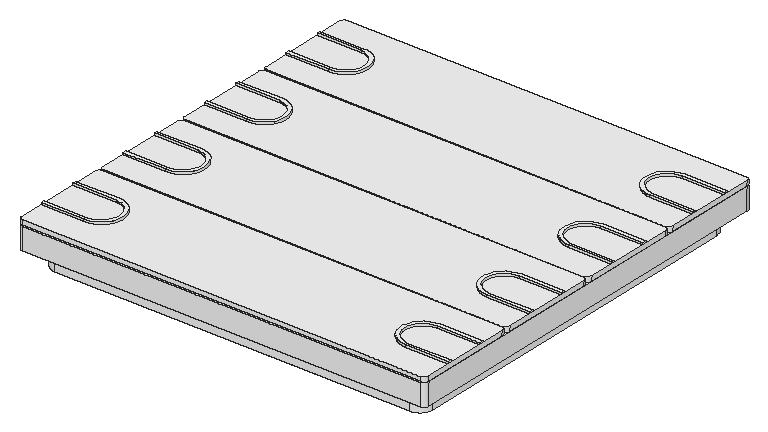
Revit family "Gira_5054003", category Electrical Fixtures, host Face, Revit 2017
Family settings
  Host = Face
  Maintain Annotation Orientation = No
  Round Connector Dimension = Use Diameter
  Part Type = Normal
  Cut with Voids When Loaded = No
  Shared = No
  Room Calculation Point = No
Parameters (values of type "PB sens.4 24 V 4-g TS4 white")
  With room temperature controller = no
  With label area = no
  With display = no
  With anti-theft/dismantling protection = yes
  With IR sensor = no
  White = White
  URL = "https://www.gira.de/"
  Type Comments = ""
  Transparent = no
  Surface protection = "Sonstige (*de-DE)"
  Radio frequent bidirectional = no
  Number of buttons = 4
  Number of actuation points = 8
  Model = ""
  Material quality = "Sonstige (*de-DE)"
  Material = "Sonstige (*de-DE)"
  Manufacturer = "Gira"
  Keynote = ""
  HeinzeBIM = "https://www.heinze.de/bim/pb-sens-4-24-v-4-g-ts4-white/6b1b3b03f588c49eb0ce81d9794e9b357c489d95"
  HAN = "5054003"
  GTIN = "4010337074922"
  Description = ""
  Default Elevation = 1219.2 mm
  Cost = 0
  Colour = "White"
  Bus connection included = no
  BIMSITE_PRODUCT_ID = "6b1b3b03f588c49eb0ce81d9794e9b357c489d95"
  BIM = "https://media.live.bim.site/t/eyJhbGciOiJIUzI1NiIsInR5cCI6IkpXVCJ9.eyJjdCI6MSwidGYiOiJwdWJsaWMvZ2lyYS8wOWY1ZGI1LzQwXzUwMDEwMCBUUzQgNGZhY2gucmZhIiwiY2lkIjoiZmVkOThlOWEtMWJkOC00YzY4LWE3M2ItNzRhOTRlMzE1ODIzIiwicmlkIjoiNzMxYzhhM2NmZjliMmFiMGQ0OWI5YTFiNGE0NjcxZWQiLCJwaWQiOiI2YjFiM2IwM2Y1ODhjNDllYjBjZTgxZDk3OTRlOWIzNTdjNDg5ZDk1Iiwic2lkIjoiNjM0NzAiLCJ1dCI6NSwibGMiOiJlbiIsImlhdCI6MTYwNzQ0MTQ5MiwiaXNzIjoiaHR0cHM6Ly9hcGkubGl2ZS5iaW0uc2l0ZSIsInN1YiI6IjhkM2FhNWNiLWUwNjYtNDU5OC1iZTE2LTZlMTZlZTc0OTU2YSJ9.eRFS-I0YfdRkPY45fGFcmsiDOLg3WnsdwlCXnxRXDaU/40_500100 TS4 4fach.rfa"
  Assembly Code = ""
Reference planes
  plane 1 "Center (Front/Back)": y = 0
  plane 2: z = 0
  plane 3 "Center (Left/Right)": x = 0
Forms (mm)
  Extrusion 1, solid, material "White", detail levels fine
    sketch origin (0, 0, 0) x (1, 0, 0) y (0, 1, 0)
      loop
        line (25.45, 35.45) -> (-25.45, 35.45)
        arc (-25.45, 35.45) -> (-32.521, 32.521) -> (-35.45, 25.45) r 10
        line (-35.45, 25.45) -> (-35.45, -25.45)
        arc (-35.45, -25.45) -> (-32.521, -32.521) -> (-25.45, -35.45) r 10
        line (-25.45, -35.45) -> (25.45, -35.45)
        arc (25.45, -35.45) -> (32.521, -32.521) -> (35.45, -25.45) r 10
        line (35.45, -25.45) -> (35.45, 25.45)
        arc (35.45, 25.45) -> (32.521, 32.521) -> (25.45, 35.45) r 10
      loop
        arc (-31.325, 28.496) -> (-31.325, 25.668) -> (-28.496, 25.668) r 2
        line (-28.496, 25.668) -> (-25.668, 28.496)
        arc (-25.668, 28.496) -> (-25.668, 31.325) -> (-28.496, 31.325) r 2
        line (-28.496, 31.325) -> (-31.325, 28.496)
      loop
        arc (-28.496, -31.325) -> (-25.668, -31.325) -> (-25.668, -28.496) r 2
        line (-25.668, -28.496) -> (-28.496, -25.668)
        arc (-28.496, -25.668) -> (-31.325, -25.668) -> (-31.325, -28.496) r 2
        line (-31.325, -28.496) -> (-28.496, -31.325)
      loop
        line (31.325, 28.496) -> (28.496, 31.325)
        arc (28.496, 31.325) -> (25.668, 31.325) -> (25.668, 28.496) r 2
        line (25.668, 28.496) -> (28.496, 25.668)
        arc (28.496, 25.668) -> (31.325, 25.668) -> (31.325, 28.496) r 2
      loop
        line (28.496, -31.325) -> (31.325, -28.496)
        arc (31.325, -28.496) -> (31.325, -25.668) -> (28.496, -25.668) r 2
        line (28.496, -25.668) -> (25.668, -28.496)
        arc (25.668, -28.496) -> (25.668, -31.325) -> (28.496, -31.325) r 2
      loop
        line (-13.39, 22.831) -> (-22.831, 13.39) -> (-22.831, -13.39) -> (-13.39, -22.831) -> (13.39, -22.831) -> (22.831, -13.39) -> (22.831, 13.39) -> (13.39, 22.831) -> (-13.39, 22.831)
      loop
        arc (-1.681, 31.793) -> (-6.669, 29.581) -> (-1.417, 28.102) r 2.9
        arc (-1.417, 28.102) -> (2.178, 28.079) -> (5.741, 27.6) r 28.291
        arc (5.741, 27.6) -> (7.553, 29.282) -> (6.077, 31.265) r 1.851
        arc (6.077, 31.265) -> (2.215, 31.784) -> (-1.681, 31.793) r 29.64
      loop
        arc (1.681, -31.793) -> (6.669, -29.581) -> (1.417, -28.102) r 2.9
        arc (1.417, -28.102) -> (-2.178, -28.079) -> (-5.741, -27.6) r 28.291
        arc (-5.741, -27.6) -> (-7.553, -29.282) -> (-6.077, -31.265) r 1.851
        arc (-6.077, -31.265) -> (-2.215, -31.784) -> (1.681, -31.793) r 29.64
      loop
        arc (-31.793, -1.681) -> (-29.581, -6.669) -> (-28.102, -1.417) r 2.9
        arc (-28.102, -1.417) -> (-28.079, 2.178) -> (-27.6, 5.741) r 28.291
        arc (-27.6, 5.741) -> (-29.282, 7.553) -> (-31.265, 6.077) r 1.851
        arc (-31.265, 6.077) -> (-31.784, 2.215) -> (-31.793, -1.681) r 29.64
      loop
        arc (31.793, 1.681) -> (29.581, 6.669) -> (28.102, 1.417) r 2.9
        arc (28.102, 1.417) -> (28.079, -2.178) -> (27.6, -5.741) r 28.291
        arc (27.6, -5.741) -> (29.282, -7.553) -> (31.265, -6.077) r 1.851
        arc (31.265, -6.077) -> (31.784, -2.215) -> (31.793, 1.681) r 29.64
    from 0 to -1
  Extrusion 2, solid, material "White", detail levels medium+fine
    sketch origin (0, 0, 0) x (1, 0, 0) y (0, 1, 0)
      loop
        line (-22.831, 13.39) -> (-22.831, -13.39) -> (-13.39, -22.831) -> (13.39, -22.831) -> (22.831, -13.39) -> (22.831, 13.39) -> (13.39, 22.831) -> (-13.39, 22.831) -> (-22.831, 13.39)
    from 0 to -15.5
  Extrusion 3, solid, material "White", detail levels medium
    sketch origin (0, 0, 0) x (1, 0, 0) y (0, 1, 0)
      loop
        line (35.45, 35.45) -> (-35.45, 35.45) -> (-35.45, -35.45) -> (35.45, -35.45) -> (35.45, 35.45)
    from 0 to -1
  Extrusion 4, solid, material "White" <- "White", detail levels fine
    sketch origin (0, 0, 0) x (1, 0, 0) y (0, 1, 0)
      loop
        arc (-41.4, 44.4) -> (-43.521, 43.521) -> (-44.4, 41.4) r 3
        line (-44.4, 41.4) -> (-44.4, -41.4)
        arc (-44.4, -41.4) -> (-43.521, -43.521) -> (-41.4, -44.4) r 3
        line (-41.4, -44.4) -> (41.4, -44.4)
        arc (41.4, -44.4) -> (43.521, -43.521) -> (44.4, -41.4) r 3
        line (44.4, -41.4) -> (44.4, 41.4)
        arc (44.4, 41.4) -> (43.521, 43.521) -> (41.4, 44.4) r 3
        line (41.4, 44.4) -> (-41.4, 44.4)
      loop
        arc (-42.4, -41.4) -> (-42.107, -42.107) -> (-41.4, -42.4) r 1
        line (-41.4, -42.4) -> (41.4, -42.4)
        arc (41.4, -42.4) -> (42.107, -42.107) -> (42.4, -41.4) r 1
        line (42.4, -41.4) -> (42.4, 41.4)
        arc (42.4, 41.4) -> (42.107, 42.107) -> (41.4, 42.4) r 1
        line (41.4, 42.4) -> (-41.4, 42.4)
        arc (-41.4, 42.4) -> (-42.107, 42.107) -> (-42.4, 41.4) r 1
        line (-42.4, 41.4) -> (-42.4, -41.4)
    from 0 to 4
  Extrusion 5, solid, material "White" <- "White", detail levels medium
    sketch origin (0, 0, 0) x (1, 0, 0) y (0, 1, 0)
      loop
        line (-44.4, 44.4) -> (-44.4, -44.4) -> (44.4, -44.4) -> (44.4, 44.4) -> (-44.4, 44.4)
    from 0 to 4
  Extrusion 6, solid, material "White" <- "White", detail levels fine
    sketch origin (0, 0, 0) x (1, 0, 0) y (0, 1, 0)
      loop
        line (-46.5, -47.5) -> (46.5, -47.5)
        arc (46.5, -47.5) -> (47.207, -47.207) -> (47.5, -46.5) r 1
        line (47.5, -46.5) -> (47.5, 46.5)
        arc (47.5, 46.5) -> (47.207, 47.207) -> (46.5, 47.5) r 1
        line (46.5, 47.5) -> (-46.5, 47.5)
        arc (-46.5, 47.5) -> (-47.207, 47.207) -> (-47.5, 46.5) r 1
        line (-47.5, 46.5) -> (-47.5, -46.5)
        arc (-47.5, -46.5) -> (-47.207, -47.207) -> (-46.5, -47.5) r 1
    from 4 to 9
  Extrusion 7, solid, material "White" <- "White", detail levels medium
    sketch origin (0, 0, 0) x (1, 0, 0) y (0, 1, 0)
      loop
        line (-47.5, -47.5) -> (47.5, -47.5) -> (47.5, -23.957) -> (-47.5, -23.947) -> (-47.5, -47.5)
      loop
        line (-47.5, -23.647) -> (47.5, -23.657) -> (47.5, -0.2) -> (-47.5, -0.2) -> (-47.5, -23.647)
      loop
        line (-47.5, 47.5) -> (-47.5, 23.947) -> (47.5, 23.957) -> (47.5, 47.5) -> (-47.5, 47.5)
      loop
        line (-47.5, 23.647) -> (-47.5, 0.2) -> (47.5, 0.2) -> (47.5, 23.657) -> (-47.5, 23.647)
    from 4 to 10.7
  Extrusion 8, solid, material "White" <- "White", detail levels fine
    sketch origin (0, 0, 0) x (1, 0, 0) y (0, 1, 0)
      loop
        line (47.5, 24.957) -> (47.5, 46.5)
        arc (47.5, 46.5) -> (47.207, 47.207) -> (46.5, 47.5) r 1
        line (46.5, 47.5) -> (-46.5, 47.5)
        arc (-46.5, 47.5) -> (-47.207, 47.207) -> (-47.5, 46.5) r 1
        line (-47.5, 46.5) -> (-47.5, 24.947)
        arc (-47.5, 24.947) -> (-47.207, 24.24) -> (-46.5, 23.947) r 1
        line (-46.5, 23.947) -> (46.5, 23.957)
        arc (46.5, 23.957) -> (47.207, 24.25) -> (47.5, 24.957) r 1
      loop
        line (-46.5, 0.2) -> (46.5, 0.2)
        arc (46.5, 0.2) -> (47.207, 0.493) -> (47.5, 1.2) r 1
        line (47.5, 1.2) -> (47.5, 22.657)
        arc (47.5, 22.657) -> (47.207, 23.364) -> (46.5, 23.657) r 1
        line (46.5, 23.657) -> (-46.5, 23.647)
        arc (-46.5, 23.647) -> (-47.207, 23.354) -> (-47.5, 22.647) r 1
        line (-47.5, 22.647) -> (-47.5, 1.2)
        arc (-47.5, 1.2) -> (-47.207, 0.493) -> (-46.5, 0.2) r 1
      loop
        arc (47.5, -24.957) -> (47.207, -24.25) -> (46.5, -23.957) r 1
        line (46.5, -23.957) -> (-46.5, -23.947)
        arc (-46.5, -23.947) -> (-47.207, -24.24) -> (-47.5, -24.947) r 1
        line (-47.5, -24.947) -> (-47.5, -46.5)
        arc (-47.5, -46.5) -> (-47.207, -47.207) -> (-46.5, -47.5) r 1
        line (-46.5, -47.5) -> (46.5, -47.5)
        arc (46.5, -47.5) -> (47.207, -47.207) -> (47.5, -46.5) r 1
        line (47.5, -46.5) -> (47.5, -24.957)
      loop
        arc (-46.5, -0.2) -> (-47.207, -0.493) -> (-47.5, -1.2) r 1
        line (-47.5, -1.2) -> (-47.5, -22.647)
        arc (-47.5, -22.647) -> (-47.207, -23.354) -> (-46.5, -23.647) r 1
        line (-46.5, -23.647) -> (46.5, -23.657)
        arc (46.5, -23.657) -> (47.207, -23.364) -> (47.5, -22.657) r 1
        line (47.5, -22.657) -> (47.5, -1.2)
        arc (47.5, -1.2) -> (47.207, -0.493) -> (46.5, -0.2) r 1
        line (46.5, -0.2) -> (-46.5, -0.2)
    from 9.3 to 10.3
  Extrusion 9, solid, material "White" <- "White", detail levels fine
    sketch origin (0, 0, 0) x (1, 0, 0) y (0, 1, 0)
      loop
        line (-37.5, 40.697) -> (-47.5, 40.697) -> (-47.5, 39.897) -> (-37.5, 39.897)
        arc (-37.5, 39.897) -> (-33.3, 35.697) -> (-37.5, 31.497) r 4.2
        line (-37.5, 31.497) -> (-47.5, 31.497) -> (-47.5, 30.697) -> (-37.5, 30.697)
        arc (-37.5, 30.697) -> (-32.5, 35.697) -> (-37.5, 40.697) r 5
      loop
        arc (37.5, 40.697) -> (32.5, 35.697) -> (37.5, 30.697) r 5
        line (37.5, 30.697) -> (47.5, 30.697) -> (47.5, 31.497) -> (37.5, 31.497)
        arc (37.5, 31.497) -> (33.3, 35.697) -> (37.5, 39.897) r 4.2
        line (37.5, 39.897) -> (47.5, 39.897) -> (47.5, 40.697) -> (37.5, 40.697)
      loop
        arc (-37.5, -16.883) -> (-32.5, -11.883) -> (-37.5, -6.883) r 5
        line (-37.5, -6.883) -> (-47.5, -6.883) -> (-47.5, -7.683) -> (-37.5, -7.683)
        arc (-37.5, -7.683) -> (-33.3, -11.883) -> (-37.5, -16.083) r 4.2
        line (-37.5, -16.083) -> (-47.5, -16.083) -> (-47.5, -16.883) -> (-37.5, -16.883)
      loop
        line (37.5, -16.883) -> (47.5, -16.883) -> (47.5, -16.083) -> (37.5, -16.083)
        arc (37.5, -16.083) -> (33.3, -11.883) -> (37.5, -7.683) r 4.2
        line (37.5, -7.683) -> (47.5, -7.683) -> (47.5, -6.883) -> (37.5, -6.883)
        arc (37.5, -6.883) -> (32.5, -11.883) -> (37.5, -16.883) r 5
      loop
        arc (-37.5, -40.697) -> (-32.5, -35.697) -> (-37.5, -30.697) r 5
        line (-37.5, -30.697) -> (-47.5, -30.697) -> (-47.5, -31.497) -> (-37.5, -31.497)
        arc (-37.5, -31.497) -> (-33.3, -35.697) -> (-37.5, -39.897) r 4.2
        line (-37.5, -39.897) -> (-47.5, -39.897) -> (-47.5, -40.697) -> (-37.5, -40.697)
      loop
        line (37.5, -40.697) -> (47.5, -40.697) -> (47.5, -39.897) -> (37.5, -39.897)
        arc (37.5, -39.897) -> (33.3, -35.697) -> (37.5, -31.497) r 4.2
        line (37.5, -31.497) -> (47.5, -31.497) -> (47.5, -30.697) -> (37.5, -30.697)
        arc (37.5, -30.697) -> (32.5, -35.697) -> (37.5, -40.697) r 5
      loop
        line (-37.5, 16.883) -> (-47.5, 16.883) -> (-47.5, 16.083) -> (-37.5, 16.083)
        arc (-37.5, 16.083) -> (-33.3, 11.883) -> (-37.5, 7.683) r 4.2
        line (-37.5, 7.683) -> (-47.5, 7.683) -> (-47.5, 6.883) -> (-37.5, 6.883)
        arc (-37.5, 6.883) -> (-32.5, 11.883) -> (-37.5, 16.883) r 5
      loop
        arc (37.5, 16.883) -> (32.5, 11.883) -> (37.5, 6.883) r 5
        line (37.5, 6.883) -> (47.5, 6.883) -> (47.5, 7.683) -> (37.5, 7.683)
        arc (37.5, 7.683) -> (33.3, 11.883) -> (37.5, 16.083) r 4.2
        line (37.5, 16.083) -> (47.5, 16.083) -> (47.5, 16.883) -> (37.5, 16.883)
    from 9.5 to 10.7
  Extrusion 10, solid, material "White" <- "White", detail levels coarse
    sketch origin (0, 0, 0) x (1, 0, 0) y (0, 1, 0)
      loop
        line (-47.5, -47.5) -> (47.5, -47.5) -> (47.5, 47.5) -> (-47.5, 47.5) -> (-47.5, -47.5)
    from -15.4 to 10.7
Lines and regions (mm)
  reference lines
    curve 1: line (0, 47.5, 0) -> (0, -47.5, 0)
    curve 2: line (-47.5, 0, 0) -> (47.5, 0, 0)
Dimensions and locks
  aligned and locked: plane 2 to host face
  aligned and locked: level to host face
Connectors
  electrical at (0, 0, -15.5)
    settings: on Extrusion 2, index 1, voltage 220 V, apparent load 0 VA, apparent load phase1 0 VA, apparent load phase2 0 VA, apparent load phase3 0 VA, power factor 1, load classification "Other", number of poles 1, system type 31, power factor state 1, is connector primary yes, connector utility no, sub classification motor no, connector description ""
